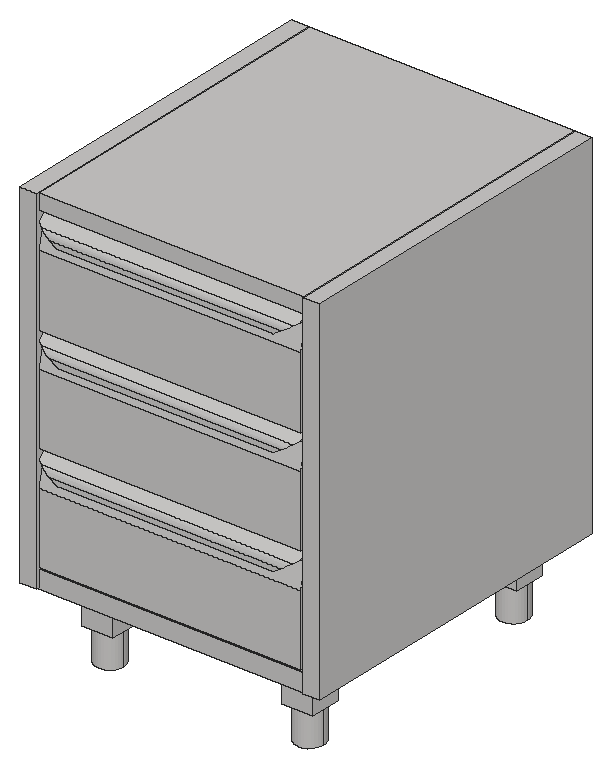
Revit family "QF_ELECTROLUXPROFESSIONAL_121824_TE3C6", category Attrezzature speciali, Revit 2020
Family settings
  Quota connettore circolare = Usa diametro
  Tipo di parte = Normale
  Basato su piano di lavoro = No
  Sempre verticale = Sì
  Taglio con vuoti quando caricato = No
  Condiviso = No
  Punto di calcolo locali = No
Parameters (values of type "Standard")
  Weight = 42.00 kg
  Watts = 0 W
  Volts = 0 V
  URL Manufacturer = "https://www.electroluxprofessional.com/"
  URL = "https://www.electroluxprofessional.com/"
  Steam Supply Size = 0 mm
  Steam Supply Minimum Pressure = 0.0 Pa
  Steam Supply Maximum Pressure = 0.0 Pa
  Steam Consumption per Hour = 0
  Refrigeration Suction Line Size = 0.0 mm
  Refrigeration Liquid Line Size = 0.0 mm
  Refrigerant Compressor Remote = yes
  Prospetto di default = 0.0 mm
  Phase = 0
  Modello = "TE3C6"
  Produttore = "Electrolux Professional"
  Length Actual = 600.0 mm  # constant formula
  Item Number = "121824"
  Hot Water Size = 0 mm
  Height Actual = 860.0 mm  # constant formula
  HP = "0 HP"
  Gas Size = 0 mm
  Gas KW = 0
  Gas Input Pressure = 0 W
  Direct Waste Size = 0 mm
  Descrizione = "AMBIENT UNIT WITH 3 DRAWERS 600MM"
  Depth Actual = 680.0 mm  # constant formula
  Cycle = 0 Hz
  Condensate Return Size = 0 mm
  Compressed Air Volume = 0.0 L/s
  Compressed Air Size = 0 mm
  Compressed Air Pressure = 0.0 Pa
  Cold Water Size = 0 mm
  Accessory = yes
Reference planes
  plane 1 "Center (Front/Back)": y = 0
  plane 2: z = 0
  plane 3 "Center (Left/Right)": x = -304.433
  plane 4 "LEFT": x = -604.433
  plane 5 "RIGHT": x = -4.433
  plane 6 "BACK": y = 340
  plane 7 "FRONT": y = -340
  plane 8 "Base": z = 860
  plane 9 "TOP": z = 900
  plane 10: x = -504.433
  plane 11: x = -104.433
  plane 12: y = 270
  plane 13: y = -240
  plane 14 "FEET": z = 150
  plane 15: x = -570.433
  plane 16: x = -38.433
  plane 17: y = -337
  plane 18: y = 310
  plane 19: y = -900
Forms (mm)
  Extrusion 1, solid, material "QF_Finishes_Stainless Steel"
    sketch origin (0, 0, 150) x (-1, 0, 0) y (0, -1, 0)
      loop
        line (604.433, -340) -> (604.433, 340) -> (570.433, 340) -> (570.433, -340) -> (604.433, -340)
      loop
        line (38.433, -340) -> (38.433, 340) -> (4.433, 340) -> (4.433, -340) -> (38.433, -340)
    from 0 to 710
  Extrusion 2, solid, material "QF_Finishes_Stainless Steel"
    sketch origin (0, 0, 150) x (-1, 0, 0) y (0, -1, 0)
      loop
        line (570.433, -310) -> (570.433, 337) -> (38.433, 337) -> (38.433, -310) -> (570.433, -310)
    from 0 to 35
  Extrusion 3, solid, material "QF_Finishes_Stainless Steel"
    sketch origin (0, 0, 0) x (1, 0, 0) y (0, 1, 0)
      loop
        line (-570.433, 310) -> (-570.433, -297) -> (-38.433, -297) -> (-38.433, 310) -> (-570.433, 310)
    from 490 to 520
  Extrusion 4, solid, material "QF_Finishes_Stainless Steel"
    sketch origin (0, 0, 0) x (1, 0, 0) y (0, 1, 0)
      loop
        line (-570.433, -337) -> (-38.433, -337) -> (-38.433, 340) -> (-570.433, 340) -> (-570.433, -337)
    from 830 to 860
  Extrusion 5, solid, material "QF_Finishes_Stainless Steel"
    sketch origin (0, 0, 150) x (-1, 0, 0) y (0, -1, 0)
      loop
        line (570.433, -340) -> (570.433, -310) -> (38.433, -310) -> (38.433, -340) -> (570.433, -340)
    from 680 to 0
Lines and regions (mm)
  symbolic lines, style "SpecialityEquipmentHiddenLines"
    curve 1: line (-4.433, 340, 900) -> (-604.433, 340, 900)
    curve 2: line (-4.433, -340, 900) -> (-4.433, 340, 900)
    curve 3: line (-604.433, -344.5, 150) -> (-604.433, 340, 150)
    curve 4: line (-604.433, -340, 150) -> (-570.433, -340, 150)
    curve 5: line (-570.433, -340, 150) -> (-570.433, -337, 150)
    curve 6: line (-570.433, -337, 150) -> (-38.433, -337, 150)
    curve 7: line (-38.433, -337, 150) -> (-38.433, -340, 150)
    curve 8: line (-38.433, -340, 150) -> (-4.433, -340, 150)
Dimensions and locks
  plane 4 "LEFT" to plane 5 "RIGHT" = 600.0 mm
  equal spacing: plane 4 "LEFT", plane 3 "Center (Left/Right)", plane 5 "RIGHT"
  plane 6 "BACK" to plane 7 "FRONT" = 680.0 mm
  equal spacing: plane 6 "BACK", plane 1 "Center (Front/Back)", plane 7 "FRONT"
  locked: plane 14 "FEET" to level at 150
  locked: plane 4 "LEFT" to plane 10 at 100
  locked: plane 11 to plane 5 "RIGHT" at 100
  locked: plane 4 "LEFT" to plane 15 at 34
  locked: plane 16 to plane 5 "RIGHT" at 34
  plane 17 to plane 7 "FRONT" = 3.0 mm
  plane 6 "BACK" to plane 18 = 30.0 mm
  locked: plane 6 "BACK" to plane 12 at 70
  locked: plane 13 to plane 7 "FRONT" at 100
  locked: plane 8 "Base" to level at 860
  locked: plane 9 "TOP" to level at 900
  plane 6 "BACK" to plane 19 = 1240.0 mm
  aligned and locked: level to plane 2
  aligned and locked: plane 10 to nested 1
  aligned and locked: plane 11 to nested 2
  aligned and locked: plane 11 to nested 4
  aligned and locked: nested 4 to plane 12
  aligned and locked: plane 10 to nested 3
  aligned and locked: nested 3 to plane 12
  aligned and locked: plane 8 "Base" to Extrusion 1
  aligned and locked: plane 6 "BACK" to Extrusion 1 sketch curve
  aligned and locked: Extrusion 1 sketch curve to plane 6 "BACK"
  aligned and locked: plane 7 "FRONT" to Extrusion 1 sketch curve
  aligned and locked: Extrusion 1 sketch curve to plane 7 "FRONT"
  aligned and locked: plane 15 to Extrusion 1
  aligned and locked: Extrusion 1 to plane 16
  aligned and locked: Extrusion 2 to plane 15
  aligned and locked: plane 16 to Extrusion 2
  aligned and locked: plane 16 to Extrusion 3
  aligned and locked: Extrusion 3 to plane 15
  aligned and locked: plane 8 "Base" to Extrusion 4
  aligned and locked: Extrusion 2 to plane 17
  aligned and locked: Extrusion 2 to plane 18
  aligned and locked: Extrusion 3 to plane 18
  aligned and locked: Extrusion 4 to plane 17
  aligned and locked: plane 15 to Extrusion 5 sketch curve
  aligned and locked: Extrusion 5 sketch curve to plane 16
  aligned and locked: Extrusion 5 sketch curve to plane 6 "BACK"
  aligned and locked: Extrusion 5 sketch curve to plane 18
  aligned and locked: Extrusion 5 to Extrusion 4
  aligned and locked: Extrusion 5 to plane 14 "FEET"
  aligned and locked: plane 6 "BACK" to Extrusion 4
  aligned and locked: nested 1 to plane 13
  aligned and locked: nested 2 to plane 13
Automatic sketch dimensions
  curve 2 to plane 5 "RIGHT" = 0.0 mm
  curve 2 to plane 7 "FRONT" = 0.0 mm
  curve 1 to plane 4 "LEFT" = 0.0 mm
  curve 1 to plane 6 "BACK" = 0.0 mm
  Extrusion 1 sketch curve to plane 5 "RIGHT" = 0.0 mm
  Extrusion 1 sketch curve to plane 16 = 0.0 mm
  Extrusion 1 sketch curve to plane 15 = 0.0 mm
  Extrusion 1 sketch curve to plane 4 "LEFT" = 0.0 mm
  Extrusion 2 sketch curve to plane 16 = 0.0 mm
  Extrusion 2 sketch curve to plane 15 = 0.0 mm
  plane 18 to Extrusion 2 sketch curve = 0.0 mm
  Extrusion 2 sketch curve to plane 17 = 0.0 mm
  curve 8 to plane 5 "RIGHT" = 0.0 mm
  curve 8 to plane 7 "FRONT" = 0.0 mm
  curve 8 to plane 16 = 0.0 mm
  curve 6 to plane 15 = 0.0 mm
  curve 3 to plane 4 "LEFT" = 0.0 mm
  curve 3 to plane 6 "BACK" = 0.0 mm
  curve 6 to plane 17 = 0.0 mm
  curve 4 to plane 7 "FRONT" = 0.0 mm
  curve 4 to curve 3 = 4.5 mm
  Extrusion 4 sketch curve to plane 15 = 0.0 mm
  Extrusion 4 sketch curve to plane 16 = 0.0 mm
  Extrusion 4 sketch curve to plane 17 = 0.0 mm
  Extrusion 4 sketch curve to plane 18 = 30.0 mm
  Extrusion 3 sketch curve to plane 15 = 0.0 mm
  plane 7 "FRONT" to Extrusion 3 sketch curve = 43.0 mm
  Extrusion 3 sketch curve to plane 16 = 0.0 mm
  plane 18 to Extrusion 3 sketch curve = 0.0 mm
Nested families
  nested 1: "FEET_L63-150" at (-504.433, -240, 0), type "FEET_L63-150"
  nested 2: "FEET_L63-150" at (-104.433, -240, 0), type "FEET_L63-150"
  nested 3: "FEET_L63-150" at (-504.433, 270, 0), type "FEET_L63-150"
  nested 4: "FEET_L63-150" at (-104.433, 270, 0), type "FEET_L63-150"
  nested 5: "H637_600_3DRAWERS" at (-344.864, -297, 150) x (1, 0, 0) z (0, -1, 0), type "H637_600_3DRAWERS"
    with Width 600.0 mm, Show Clearance yes
Definition of nested family "FEET_L63-150"
  Parameters
    Default Elevation = 0.0 mm
    FEET = 150.0 mm
  Reference planes
    plane 1 "Center (Front/Back)": y = 0
    plane 2: z = 0
    plane 3 "Center (Left/Right)": x = 0
    plane 4: z = 150
  Forms (mm)
    Extrusion 1, solid
      sketch origin (0, 0, 0) x (1, 0, 0) y (0, 1, 0)
        loop
          circle (0, 0) r 28
      from 0 to 67
    Extrusion 2, solid
      sketch origin (0, 0, 0) x (1, 0, 0) y (0, 1, 0)
        loop
          line (31.561, 31.5) -> (-31.439, 31.5) -> (-31.439, -31.5) -> (31.561, -31.5) -> (31.561, 31.5)
      from 67 to 150 <- "FEET"
  Lines and regions (mm)
    symbolic lines
      curve 1: line (0, -1.503, 0) -> (0, 1.508, 0)
      curve 2: line (1.561, 0, 0) -> (-1.439, 0, 0)
  Dimensions and locks
    "FEET": plane 4 to plane 2
    aligned and locked: level to plane 2
  Automatic sketch dimensions
    plane 1 "Center (Front/Back)" to Extrusion 1 sketch curve = 0.0 mm
    Extrusion 1 sketch curve to plane 3 "Center (Left/Right)" = 0.0 mm
    plane 1 "Center (Front/Back)" to curve 2 = 0.0 mm
    curve 1 to plane 3 "Center (Left/Right)" = 0.0 mm
    curve 2 to plane 3 "Center (Left/Right)" = 1.439 mm
    plane 3 "Center (Left/Right)" to curve 2 = 1.561 mm
    plane 1 "Center (Front/Back)" to curve 1 = 1.503 mm
    curve 1 to plane 1 "Center (Front/Back)" = 1.508 mm
    Extrusion 2 sketch curve to plane 1 "Center (Front/Back)" = 31.5 mm
    Extrusion 2 sketch curve to plane 3 "Center (Left/Right)" = 31.439 mm
    plane 3 "Center (Left/Right)" to Extrusion 2 sketch curve = 31.561 mm
    plane 1 "Center (Front/Back)" to Extrusion 2 sketch curve = 31.5 mm
    radius of Extrusion 1 sketch curve = 28.0 mm
Definition of nested family "H637_600_3DRAWERS"
  Parameters
    Width [instance] = 600.0 mm
    Show Clearance [instance] = yes
    Model = "727995"
    Height = 710.0 mm
    Default Elevation = 0.0 mm
  Reference planes
    plane 1 "Center (Front/Back)": y = 0
    plane 2: z = 0
    plane 3 "Center (Left/Right)": x = 36.042
    plane 4 "panel": z = 25
    plane 5 "Left": x = -263.958
    plane 6 "Right": x = 336.042
    plane 7: y = 710
    plane 8: z = 45
    plane 9: x = 299.042
    plane 10: x = -226.958
    plane 11: y = 672
    plane 12: y = 38
    plane 13: z = 652.734
    plane 14: y = 464
    plane 15: y = 459
    plane 16: y = 251
    plane 17: y = 246
  Forms (mm)
    Extrusion 1, solid
      sketch origin (0, -919.2, 0) x (1, 0, 0) y (0, 1, 0)
        loop
          line (-980.5, 2119.2) -> (-980.5, -162.846) -> (881.94, -162.846) -> (881.94, 2119.2) -> (-980.5, 2119.2)
      from 0 to -59.546
    Extrusion 2, solid
      sketch origin (36.042, -219.693, 0) x (0, 1, 0) y (0, 0, 1)
        loop
          line (848.63, 49.734) -> (848.63, 47.734) -> (858.98, 47.734)
          arc (858.98, 47.734) -> (865.586, 46.42) -> (871.186, 42.679) r 17.261
          line (871.186, 42.679) -> (888.019, 25.845) -> (891.693, 25) -> (872.6, 44.093)
          arc (872.6, 44.093) -> (866.351, 48.268) -> (858.98, 49.734) r 19.261
          line (858.98, 49.734) -> (848.63, 49.734)
      from -263 to 263
    Extrusion 3, void
      sketch origin (0, -219.693, 25) x (1, 0, 0) y (0, 1, 0)
        loop
          line (304.066, 839.859) -> (304.066, 882.225) -> (299.042, 882.225)
          arc (299.042, 882.225) -> (298.688, 880.688) -> (297.873, 879.339) r 5
          line (297.873, 879.339) -> (255.197, 850.51)
          arc (255.197, 850.51) -> (252.266, 849.11) -> (249.054, 848.63) r 10.974
          line (249.054, 848.63) -> (-176.97, 848.63)
          arc (-176.97, 848.63) -> (-180.182, 849.11) -> (-183.113, 850.51) r 10.974
          line (-183.113, 850.51) -> (-225.789, 879.339)
          arc (-225.789, 879.339) -> (-226.604, 880.688) -> (-226.958, 882.225) r 5
          line (-226.958, 882.225) -> (-231.982, 882.225) -> (-231.982, 839.859) -> (304.066, 839.859)
      from 0 to 27.674
    Extrusion 4, solid
      sketch origin (36.042, -190, 0) x (0, 1, 0) y (0, 0, 1)
        loop
          line (654, 40) -> (654, 0) -> (862, 0) -> (862, 25) -> (796.797, 40) -> (654, 40)
      from 263 to -263
    Extrusion 5, solid, detail levels coarse
      sketch origin (0, 0, 0) x (1, 0, 0) y (0, 0, 1)
        loop
          line (-226.958, 40) -> (298.042, 40) -> (298.042, 652.734) -> (-226.958, 652.734) -> (-226.958, 40)
      from -672 to -464
    Extrusion 6, solid, detail levels coarse
      sketch origin (0, 0, 0) x (1, 0, 0) y (0, 0, 1)
        loop
          line (-226.958, 40) -> (298.042, 40) -> (298.042, 652.734) -> (-226.958, 652.734) -> (-226.958, 40)
      from -459 to -251
    Extrusion 7, solid
      sketch origin (36.042, -432.693, 0) x (0, 1, 0) y (0, 0, 1)
        loop
          line (848.63, 49.734) -> (848.63, 47.734) -> (858.98, 47.734)
          arc (858.98, 47.734) -> (865.586, 46.42) -> (871.186, 42.679) r 17.261
          line (871.186, 42.679) -> (888.019, 25.845) -> (891.693, 25) -> (872.6, 44.093)
          arc (872.6, 44.093) -> (866.351, 48.268) -> (858.98, 49.734) r 19.261
          line (858.98, 49.734) -> (848.63, 49.734)
      from -263 to 263
    Extrusion 8, void
      sketch origin (0, -432.693, 25) x (1, 0, 0) y (0, 1, 0)
        loop
          line (304.066, 839.859) -> (304.066, 882.225) -> (299.042, 882.225)
          arc (299.042, 882.225) -> (298.688, 880.688) -> (297.873, 879.339) r 5
          line (297.873, 879.339) -> (255.197, 850.51)
          arc (255.197, 850.51) -> (252.266, 849.11) -> (249.054, 848.63) r 10.974
          line (249.054, 848.63) -> (-176.97, 848.63)
          arc (-176.97, 848.63) -> (-180.182, 849.11) -> (-183.113, 850.51) r 10.974
          line (-183.113, 850.51) -> (-225.789, 879.339)
          arc (-225.789, 879.339) -> (-226.604, 880.688) -> (-226.958, 882.225) r 5
          line (-226.958, 882.225) -> (-231.982, 882.225) -> (-231.982, 839.859) -> (304.066, 839.859)
      from 0 to 27.674
    Extrusion 9, solid
      sketch origin (36.042, -645.693, 0) x (0, 1, 0) y (0, 0, 1)
        loop
          line (848.63, 49.734) -> (848.63, 47.734) -> (858.98, 47.734)
          arc (858.98, 47.734) -> (865.586, 46.42) -> (871.186, 42.679) r 17.261
          line (871.186, 42.679) -> (888.019, 25.845) -> (891.693, 25) -> (872.6, 44.093)
          arc (872.6, 44.093) -> (866.351, 48.268) -> (858.98, 49.734) r 19.261
          line (858.98, 49.734) -> (848.63, 49.734)
      from -263 to 263
    Extrusion 10, void
      sketch origin (0, -645.693, 25) x (1, 0, 0) y (0, 1, 0)
        loop
          line (304.066, 839.859) -> (304.066, 882.225) -> (299.042, 882.225)
          arc (299.042, 882.225) -> (298.688, 880.688) -> (297.873, 879.339) r 5
          line (297.873, 879.339) -> (255.197, 850.51)
          arc (255.197, 850.51) -> (252.266, 849.11) -> (249.054, 848.63) r 10.974
          line (249.054, 848.63) -> (-176.97, 848.63)
          arc (-176.97, 848.63) -> (-180.182, 849.11) -> (-183.113, 850.51) r 10.974
          line (-183.113, 850.51) -> (-225.789, 879.339)
          arc (-225.789, 879.339) -> (-226.604, 880.688) -> (-226.958, 882.225) r 5
          line (-226.958, 882.225) -> (-231.982, 882.225) -> (-231.982, 839.859) -> (304.066, 839.859)
      from 0 to 27.674
    Extrusion 11, solid, detail levels coarse
      sketch origin (0, 0, 0) x (1, 0, 0) y (0, 0, 1)
        loop
          line (-226.958, 40) -> (298.042, 40) -> (298.042, 652.734) -> (-226.958, 652.734) -> (-226.958, 40)
      from -38 to -246
    Extrusion 12, solid
      sketch origin (36.042, -403, 0) x (0, 1, 0) y (0, 0, 1)
        loop
          line (654, 40) -> (654, 0) -> (862, 0) -> (862, 25) -> (796.797, 40) -> (654, 40)
      from 263 to -263
    Extrusion 13, solid
      sketch origin (36.042, -616, 0) x (0, 1, 0) y (0, 0, 1)
        loop
          line (654, 40) -> (654, 0) -> (862, 0) -> (862, 25) -> (796.797, 40) -> (654, 40)
      from 263 to -263
  Cuts and joins
    Extrusion 3, Extrusion 8 cuts Extrusion 2
    Extrusion 8, Extrusion 10 cuts Extrusion 4
    Extrusion 8 cuts Extrusion 5
    Extrusion 8, Extrusion 10 cuts Extrusion 7
    Extrusion 10 cuts Extrusion 9
  Lines and regions (mm)
    symbolic lines
      curve 1: line (299.042, 0, 40) -> (299.042, 0, 653)
      curve 2: line (267.735, 0, 49.734) -> (-226.958, 0, 49.734)
      curve 3: spline (287.459, 0, 44.389) -> (285.921, 0, 45.265) -> (284.356, 0, 46.066) -> (282.765, 0, 46.791) -> (281.151, 0, 47.437) -> (279.517, 0, 48.005) -> (277.865, 0, 48.493) -> (276.198, 0, 48.9) -> (274.519, 0, 49.226) -> (272.831, 0, 49.471) -> (271.136, 0, 49.633) -> (269.436, 0, 49.712) -> (267.736, 0, 49.71)
      curve 4: line (293.956, 0, 40) -> (287.459, 0, 44.389)
      curve 5: line (299.042, 0, 653) -> (-226.958, 0, 653)
      curve 6: line (-226.958, 0, 40) -> (-226.958, 0, 653)
  Dimensions and locks
    plane 4 "panel" to level = 25.0 mm
    "Width": plane 5 "Left" to plane 6 "Right"
    equal spacing: plane 5 "Left", plane 3 "Center (Left/Right)", plane 6 "Right"
    "Height": plane 1 "Center (Front/Back)" to plane 7
    plane 9 to plane 6 "Right" = 37.0 mm
    plane 5 "Left" to plane 10 = 37.0 mm
    plane 7 to plane 11 = 38.0 mm
    plane 1 "Center (Front/Back)" to plane 12 = 38.0 mm
    plane 10 to plane 9 = 526.0 mm
    plane 11 to plane 14 = 208.0 mm
    locked: plane 14 to plane 15 at 5
    plane 15 to plane 16 = 208.0 mm
    locked: plane 16 to plane 17 at 5
    plane 17 to plane 12 = 208.0 mm
    aligned and locked: plane 2 to Extrusion 1
    aligned and locked: level to Extrusion 1
    aligned and locked: plane 10 to Extrusion 2
    aligned and locked: plane 9 to Extrusion 2
    aligned and locked: plane 10 to Extrusion 4
    aligned and locked: plane 9 to Extrusion 4
    aligned and locked: plane 9 to Extrusion 13
    aligned and locked: plane 10 to Extrusion 13
    aligned and locked: plane 10 to Extrusion 12
    aligned and locked: plane 9 to Extrusion 12
    aligned and locked: plane 9 to cut or joined group of Extrusion 7, Extrusion 8, Extrusion 10
    aligned and locked: plane 10 to cut or joined group of Extrusion 7, Extrusion 8, Extrusion 10
    aligned and locked: plane 10 to cut or joined group of Extrusion 9, Extrusion 10
    aligned and locked: plane 9 to cut or joined group of Extrusion 9, Extrusion 10
  Automatic sketch dimensions
    plane 10 to curve 6 = 0.0 mm
    curve 1 to plane 9 = 0.0 mm
    curve 4 to plane 8 = 0.611 mm
    curve 4 to plane 9 = 11.583 mm
    curve 5 to plane 13 = 0.266 mm
    plane 8 to curve 2 = 4.734 mm
    curve 2 to curve 4 = 19.723 mm
    curve 2 to curve 3 = 0.0 mm
    curve 3 to curve 3 = 0.908 mm
    curve 4 to curve 1 = 5.086 mm
    curve 1 to plane 8 = 5.0 mm
    curve 4 to plane 8 = 5.0 mm
    curve 6 to plane 8 = 5.0 mm
    curve 3 to level = 1.281 mm
    curve 3 to curve 2 = 0.025 mm
    Extrusion 1 sketch curve to Extrusion 1 sketch curve = 1862.44 mm
    Extrusion 1 sketch curve to Extrusion 1 sketch curve = 2282.046 mm
    Extrusion 2 sketch curve to Extrusion 2 sketch curve = 0.0 mm  (x2)
    Extrusion 2 sketch curve to plane 4 "panel" = 0.0 mm
    Extrusion 2 sketch curve to plane 11 = 0.0 mm
    plane 4 "panel" to Extrusion 2 sketch curve = 0.845 mm
    Extrusion 2 sketch curve to plane 11 = 3.674 mm
    Extrusion 2 sketch curve to plane 8 = 0.907 mm
    Extrusion 2 sketch curve to plane 11 = 19.093 mm
    Extrusion 2 sketch curve to plane 8 = 2.321 mm
    Extrusion 2 sketch curve to Extrusion 2 sketch curve = 1.414 mm
    plane 4 "panel" to Extrusion 2 sketch curve = 5.474 mm
    Extrusion 2 sketch curve to Extrusion 2 sketch curve = 12.205 mm
    Extrusion 2 sketch curve to Extrusion 2 sketch curve = 10.351 mm
    Extrusion 3 sketch curve to plane 10 = 0.0 mm
    Extrusion 3 sketch curve to plane 9 = 0.0 mm
    plane 10 to Extrusion 3 sketch curve = 5.024 mm
    Extrusion 3 sketch curve to plane 10 = 1.169 mm
    Extrusion 3 sketch curve to plane 10 = 4.988 mm
    Extrusion 3 sketch curve to plane 10 = 43.845 mm
    Extrusion 3 sketch curve to Extrusion 3 sketch curve = 6.143 mm  (x2)
    Extrusion 3 sketch curve to plane 11 = 32.089 mm
    Extrusion 3 sketch curve to plane 9 = 49.988 mm
    Extrusion 3 sketch curve to plane 9 = 4.988 mm
    Extrusion 3 sketch curve to plane 9 = 1.169 mm
    plane 9 to Extrusion 3 sketch curve = 5.024 mm
    Extrusion 3 sketch curve to plane 11 = 41.182 mm
    Extrusion 3 sketch curve to Extrusion 3 sketch curve = 9.094 mm
    Extrusion 3 sketch curve to Extrusion 3 sketch curve = 10.652 mm
    Extrusion 3 sketch curve to plane 11 = 12.354 mm  (x2)
    Extrusion 3 sketch curve to Extrusion 3 sketch curve = 2.886 mm  (x2)
    Extrusion 4 sketch curve to plane 14 = 0.0 mm
    Extrusion 4 sketch curve to plane 4 "panel" = 0.0 mm
    Extrusion 4 sketch curve to plane 11 = 0.0 mm
    Extrusion 4 sketch curve to level = 0.0 mm
    Extrusion 4 sketch curve to plane 8 = 5.0 mm
    Extrusion 4 sketch curve to plane 11 = 65.203 mm
    Extrusion 5 sketch curve to plane 10 = 0.0 mm
    Extrusion 5 sketch curve to plane 13 = 0.0 mm
    Extrusion 5 sketch curve to plane 9 = 1.0 mm
    Extrusion 5 sketch curve to plane 8 = 5.0 mm
    Extrusion 6 sketch curve to plane 10 = 0.0 mm
    Extrusion 6 sketch curve to plane 13 = 0.0 mm
    Extrusion 6 sketch curve to plane 9 = 1.0 mm
    Extrusion 6 sketch curve to plane 8 = 5.0 mm
    Extrusion 7 sketch curve to Extrusion 7 sketch curve = 0.0 mm  (x2)
    Extrusion 7 sketch curve to plane 4 "panel" = 0.0 mm
    Extrusion 7 sketch curve to plane 15 = 0.0 mm
    plane 4 "panel" to Extrusion 7 sketch curve = 0.845 mm
    Extrusion 7 sketch curve to plane 15 = 3.674 mm
    Extrusion 7 sketch curve to plane 8 = 0.907 mm
    Extrusion 7 sketch curve to plane 15 = 19.093 mm
    Extrusion 7 sketch curve to plane 8 = 2.321 mm
    Extrusion 7 sketch curve to Extrusion 7 sketch curve = 1.414 mm
    plane 4 "panel" to Extrusion 7 sketch curve = 5.474 mm
    Extrusion 7 sketch curve to Extrusion 7 sketch curve = 12.205 mm
    Extrusion 7 sketch curve to Extrusion 7 sketch curve = 10.351 mm
    Extrusion 8 sketch curve to plane 10 = 0.0 mm
    Extrusion 8 sketch curve to plane 9 = 0.0 mm
    plane 10 to Extrusion 8 sketch curve = 5.024 mm
    Extrusion 8 sketch curve to plane 10 = 1.169 mm
    Extrusion 8 sketch curve to plane 10 = 4.988 mm
    Extrusion 8 sketch curve to plane 10 = 43.845 mm
    Extrusion 8 sketch curve to Extrusion 8 sketch curve = 6.143 mm  (x2)
    Extrusion 8 sketch curve to plane 15 = 32.089 mm
    Extrusion 8 sketch curve to plane 9 = 49.988 mm
    Extrusion 8 sketch curve to plane 9 = 4.988 mm
    Extrusion 8 sketch curve to plane 9 = 1.169 mm
    plane 9 to Extrusion 8 sketch curve = 5.024 mm
    Extrusion 8 sketch curve to plane 15 = 41.182 mm
    Extrusion 8 sketch curve to Extrusion 8 sketch curve = 9.094 mm
    Extrusion 8 sketch curve to Extrusion 8 sketch curve = 10.652 mm
    Extrusion 8 sketch curve to plane 15 = 12.354 mm  (x2)
    Extrusion 8 sketch curve to Extrusion 8 sketch curve = 2.886 mm  (x2)
    Extrusion 9 sketch curve to Extrusion 9 sketch curve = 0.0 mm  (x2)
    Extrusion 9 sketch curve to plane 4 "panel" = 0.0 mm
    Extrusion 9 sketch curve to plane 17 = 0.0 mm
    plane 4 "panel" to Extrusion 9 sketch curve = 0.845 mm
    Extrusion 9 sketch curve to plane 17 = 3.674 mm
    Extrusion 9 sketch curve to plane 8 = 0.907 mm
    Extrusion 9 sketch curve to plane 17 = 19.093 mm
    Extrusion 9 sketch curve to plane 8 = 2.321 mm
    Extrusion 9 sketch curve to Extrusion 9 sketch curve = 1.414 mm
    plane 4 "panel" to Extrusion 9 sketch curve = 5.474 mm
    Extrusion 9 sketch curve to Extrusion 9 sketch curve = 12.205 mm
    Extrusion 9 sketch curve to Extrusion 9 sketch curve = 10.351 mm
    Extrusion 10 sketch curve to plane 10 = 0.0 mm
    Extrusion 10 sketch curve to plane 9 = 0.0 mm
    plane 10 to Extrusion 10 sketch curve = 5.024 mm
    Extrusion 10 sketch curve to plane 10 = 1.169 mm
    Extrusion 10 sketch curve to plane 10 = 4.988 mm
    Extrusion 10 sketch curve to plane 10 = 43.845 mm
    Extrusion 10 sketch curve to Extrusion 10 sketch curve = 6.143 mm  (x2)
    Extrusion 10 sketch curve to plane 17 = 32.089 mm
    Extrusion 10 sketch curve to plane 9 = 49.988 mm
    Extrusion 10 sketch curve to plane 9 = 4.988 mm
    Extrusion 10 sketch curve to plane 9 = 1.169 mm
    plane 9 to Extrusion 10 sketch curve = 5.024 mm
    Extrusion 10 sketch curve to plane 17 = 41.182 mm
    Extrusion 10 sketch curve to Extrusion 10 sketch curve = 9.094 mm
    Extrusion 10 sketch curve to Extrusion 10 sketch curve = 10.652 mm
    Extrusion 10 sketch curve to plane 17 = 12.354 mm  (x2)
    Extrusion 10 sketch curve to Extrusion 10 sketch curve = 2.886 mm  (x2)
    Extrusion 11 sketch curve to plane 10 = 0.0 mm
    Extrusion 11 sketch curve to plane 13 = 0.0 mm
    Extrusion 11 sketch curve to plane 9 = 1.0 mm
    Extrusion 11 sketch curve to plane 8 = 5.0 mm
    Extrusion 12 sketch curve to plane 16 = 0.0 mm
    Extrusion 12 sketch curve to plane 4 "panel" = 0.0 mm
    Extrusion 12 sketch curve to plane 15 = 0.0 mm
    Extrusion 12 sketch curve to level = 0.0 mm
    Extrusion 12 sketch curve to plane 8 = 5.0 mm
    Extrusion 12 sketch curve to plane 15 = 65.203 mm
    Extrusion 13 sketch curve to plane 12 = 0.0 mm
    Extrusion 13 sketch curve to plane 4 "panel" = 0.0 mm
    Extrusion 13 sketch curve to plane 17 = 0.0 mm
    Extrusion 13 sketch curve to level = 0.0 mm
    Extrusion 13 sketch curve to plane 8 = 5.0 mm
    Extrusion 13 sketch curve to plane 17 = 65.203 mm
